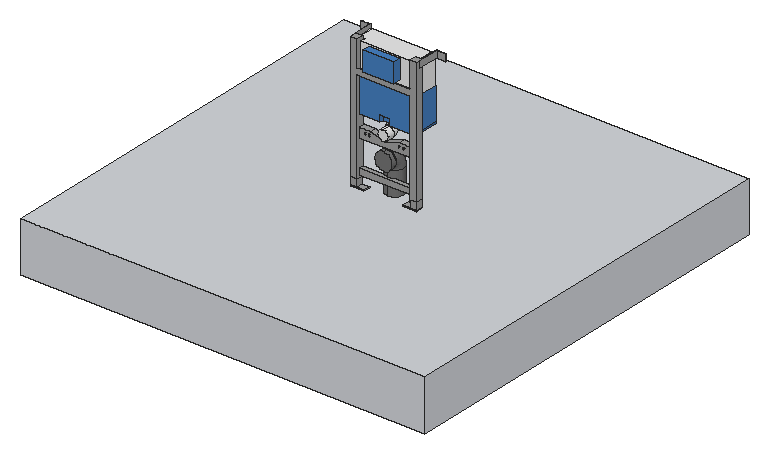
Revit family "Multibrand_Prosys_R0090_BIM_DE", category Plumbing Fixtures, host Face, Revit 2017
Family settings
  Host = Face
  Round Connector Dimension = Use Diameter
  Part Type = Normal
  OmniClass Number = 23.45.05.21.11.11
  OmniClass Title = Water Operated Water Closets
  Cut with Voids When Loaded = No
  Shared = Yes
  Room Calculation Point = No
Parameters (values of type "R009067 - 820 Full frame Dry mechanical WC  CL1")
  Max_Component_Height [instance] = if(Heigth > 200 mm, 200 mm, if(Heigth < 0 mm, 0 mm, Heigth))  # 50 mm
  WaterEfficientProduct = no
  WarrantyStartDate [instance] = "1900-12-31T23:59:59"
  WarrantyGuarantorParts = Manufacturer  # "https://www.idealstandard.de/profibereich/ersatzteilkatalog_badarmaturen/alphabetisch_sortiert.html"
  WarrantyGuarantorLabor = "n/a"
  WarrantyDurationUnit = "year"
  WarrantyDurationParts = "n/a"
  WarrantyDurationLabor = "n/a"
  WarrantyDescription = "Manufacturers Warranty"
  WRAS = no
  WFU = 0
  VolumeUnits = "Litres"
  Version = "1"
  Uniclass2015Version = "Products v1.1"
  Uniclass2015Title = "Urinal and WC fittings"
  Uniclass2015Reference = "n/a"
  Uniclass2015Description = "Urinal and WC fittings"
  Uniclass2015Code = "Pr_40_20_93"
  Uniclass2 = "Pr_40_20_93_89"
  URL = "www.idealspec.de"
  Type Comments = "n/a"
  ToiletType = "Other"
  ToiletPanType = "WashDown"
  TagNumber [instance] = "n/a"
  SustainabilityPerformance = "n/a"
  SpilloverLevel = 0 mm
  Space = "Internal"
  Size = "400 x 150 x 754 mm"
  Shape = "Regtangular"
  SerialNumber [instance] = "n/a"
  Revision = "n/a"
  ReplacementCost = "n/a"
  ProductInformation = "https://www.idealstandard.de"
  Phone = "+49 (0) 6571 16 0"
  PanMounting = "n/a"
  PanMaterial = "n/a"
  PanColor = "n/a"
  NominalWidth = 400 mm
  NominalLength = 751 mm
  NominalHeight = 715 mm
  NominalDepth = 150 mm
  NettWeight = "9.4Kg"
  Name = "WCCisternFittings_Prossys_R0090_IdealStandard"
  NBSTypeID = "n/a"
  NBSReference = "45-30-70/387"
  NBSOfficeMasterTag = "n/a"
  NBSNote = "n/a"
  NBSDescription = "WC cistern fittings"
  NBSCertification = "n/a"
  ModelReference = Description  # "Prosys 150M-Rahmen, wandmontierte WC-Schalen, max. Belastung 400 kg, für feste oder leichte Wände min"
  ModelNumber = Model  # "R009067"
  Model = "R009067"
  ManufacturerURL = "https://www.idealstandard.de"
  Manufacturer = "https://www.idealstandard.de/profibereich/ersatzteilkatalog_badarmaturen/alphabetisch_sortiert.html"
  LinearUnits = "millimeters"
  Legs_inside [instance] = yes
  Legs_Outside [instance] = no
  Legs_Backside [instance] = no
  InstallationInstructions = "https://www.idealstandard.de/profibereich"
  InstallationDate [instance] = "1900-12-31T23:59:59"
  IfcExportType = "CISTERN"
  IfcExportAs = "IfcSanitaryTerminalType"
  Help = "https://www.idealstandard.de/unternehmen/wo_finden_sie_uns/kontakt.html"
  Heigth [instance] = 50 mm
  HWFU = 0
  GrossWeight = "n/a"
  Grade = "n/a"
  Finish = "Metal"
  Features = "Prosys 150 m Rahmen für wandmontierte WC-Becken, Intalation auf Massivholz oder zwischen leichten Gipskartonplatten Paneel 150 mm min."
  FRAME_Material [instance] = FRAME_metal_crome
  ExpectedLife = "n/a"
  ECA = no
  DurationUnit = "year"
  DistributedBy = "n/a"
  Description = "Prosys 150M-Rahmen, wandmontierte WC-Schalen, max. Belastung 400 kg, für feste oder leichte Wände min"
  Default Elevation = 0 mm
  CurrencyUnit = "n/a"
  CreatedOn = "2019-12-08"
  Cost = 0
  Constituents = "n/a"
  ConnectionType = "Plumbing"
  CodePerformance = "n/a"
  Category = "n/a"
  CWFU = 0
  Brand = "Ideal Standrad"
  BarCode = ""
  BREEAMApproved = no
  BIMObjectName = "IS_IdealStandard_WC cistern fittings_Prosys_S0090"
  Author = "Ideal Standard (UK) Ltd"
  AssetType = "Fixed"
  AssetIdentifier [instance] = "n/a"
  Assembly Code = "C1030200"
  AreaUnits = "millimeters"
  AreaMeasurement = "n/a"
  Accessories = "www.idealspec.de"
  AccessibilityPerformance = "n/a"
Reference planes
  plane 1 "Center (Front/Back)": y = 0
  plane 2: z = 0
  plane 3 "Center (Left/Right)": x = 0
  plane 4: y = 0
  plane 5: z = 0
  plane 6: z = 199.463
  plane 7: z = 50
  plane 8: z = 340.865
  plane 9: z = 765
  plane 10: z = 340.865
Forms (mm)
  Extrusion 1, solid
    sketch origin (0, 0, 0) x (1, 0, 0) y (0, 1, 0)
      loop
        line (-1219.2, 1219.2) -> (-1219.2, -1219.2) -> (1219.2, -1219.2) -> (1219.2, 1219.2) -> (-1219.2, 1219.2)
    from 0 to -304.8
  Extrusion 2, solid, material "FRAME_metal_crome" <- "FRAME_Material"
    sketch origin (-3.933, 85.042, 0) x (1, 0, 0) y (0, 0, 1)
      loop
        line (-162.55, 3.591) -> (-162.55, 50) -> (-197.55, 50) -> (-197.55, 3.591) -> (-162.55, 3.591)
      loop
        line (162.45, 3.591) -> (197.45, 3.591) -> (197.45, 50) -> (162.45, 50) -> (162.45, 3.591)
    from 47.66 to 82.782
  Extrusion 3, solid, material "FRAME_metal_crome" <- "FRAME_Material"
    sketch origin (-3.933, 81.292, -16) x (1, 0, 0) y (0, 0, 1)
      loop
        line (-200.05, 66) -> (-160.05, 66) -> (-160.05, 820) -> (-200.05, 820) -> (-200.05, 66)
      loop
        line (159.95, 66) -> (199.95, 66) -> (199.95, 820) -> (159.95, 820) -> (159.95, 66)
    from 41.292 to 81.292
  Extrusion 4, solid, material "FRAME_metal_crome" <- "FRAME_Material"
    sketch origin (-3.933, 85.042, -16) x (1, 0, 0) y (0, 0, 1)
      loop
        line (-160.05, 118.079) -> (-160.05, 84.622) -> (159.95, 84.622) -> (159.95, 118.079) -> (-160.05, 118.079)
    from 44.262 to 74.775
  Sweep 5, solid, material "FRAME_pvc_black"
    path origin (-4.359, 22.557, 190.44) x (0, 0.999998, 0.001752) y (0, -0.001752, 0.999998)
      loop
        line (61.828, -190.549) -> (62.173, -45.251)
        arc (62.173, -45.251) -> (46.383, -6.924) -> (8.115, 9.008) r 54.153
        line (8.115, 9.008) -> (3.112, 9.017) -> (-22.541, 9.062)
    profile origin (-4.359, 68.952, 183.597) x (0, -0.707184, -0.70703) y (1, 0, 0)
      loop
        circle (0, 0) r 52.3
  Extrusion 6, solid, material "FRAME_metal_crome" <- "FRAME_Material"
    sketch origin (-3.933, 85.042, -16) x (1, 0, 0) y (0, 0, 1)
      loop
        line (-160.05, 283.564) -> (159.95, 283.564) -> (159.95, 341.416) -> (85.512, 341.416) -> (2.142, 316.923) -> (-87.396, 341.416) -> (-160.05, 341.416) -> (-160.05, 283.564)
      loop
        circle (-115.404, 319.576) r 7.026
      loop
        circle (-91.184, 319.576) r 7.026
      loop
        circle (88.815, 319.889) r 7.026
      loop
        circle (114.654, 319.576) r 7.026
    from 35.113 to 72.381
  Extrusion 7, solid, material "FRAME_metal_crome" <- "FRAME_Material"
    sketch origin (-3.933, 85.042, 0) x (1, 0, 0) y (0, 1, 0)
      loop
        line (-202.05, -65.042) -> (-200.05, -65.042) -> (-200.05, 64.958) -> (-256.85, 64.958) -> (-256.85, 62.958) -> (-202.05, 62.958) -> (-202.05, -65.042)
      loop
        line (199.95, -65.042) -> (201.95, -65.042) -> (201.95, 62.958) -> (256.741, 62.958) -> (256.741, 64.958) -> (199.95, 64.958) -> (199.95, -65.042)
    from 765 to 804
  Extrusion 8, solid, material "FRAME_metal_crome" <- "FRAME_Material"
    sketch origin (-3.933, 85.042, -16) x (1, 0, 0) y (0, 0, 1)
      loop
        line (-160.05, 665) -> (-160.05, 625) -> (159.95, 625) -> (159.95, 665) -> (-160.05, 665)
    from 82.542 to 85.042
  Extrusion 9, solid, material "FRAME_metal_crome" <- "FRAME_Material", visible <- "Legs_inside"
    sketch origin (-3.933, 85.042, 0) x (1, 0, 0) y (0, 0, 1)
      loop
        line (-200.05, 3.591) -> (-200.05, 0) -> (-116.95, 0) -> (-116.95, 3.591) -> (-200.05, 3.591)
      loop
        line (116.85, 3.591) -> (116.85, 0) -> (199.95, 0) -> (199.95, 3.591) -> (116.85, 3.591)
    from 45.042 to 85.042
  Extrusion 10, solid, not visible
    sketch origin (-3.983, 84.95, 0) x (1, 0, 0) y (0, 1, 0)
      loop
        circle (-150.277, 0) r 6
    from 801.575 to 807.669
  Extrusion 11, solid, material "FRAME_metal_crome" <- "FRAME_Material", not visible
    sketch origin (-3.933, 81.292, 0) x (1, 0, 0) y (0, 0, 1)
      loop
        line (-200.05, 66) -> (-160.05, 66) -> (-160.05, 820) -> (-200.05, 820) -> (-200.05, 66)
      loop
        line (159.95, 66) -> (199.95, 66) -> (199.95, 820) -> (159.95, 820) -> (159.95, 66)
    from 41.292 to 81.292
  Extrusion 12, solid, material "FRAME_metal_crome" <- "FRAME_Material", not visible
    sketch origin (-3.933, 85.042, 0) x (1, 0, 0) y (0, 0, 1)
      loop
        line (-160.05, 118.079) -> (-160.05, 84.622) -> (159.95, 84.622) -> (159.95, 118.079) -> (-160.05, 118.079)
    from 44.262 to 74.775
  Extrusion 13, solid, material "FRAME_metal_crome" <- "FRAME_Material", not visible
    sketch origin (-3.933, 85.042, 0) x (1, 0, 0) y (0, 0, 1)
      loop
        line (-160.05, 283.564) -> (159.95, 283.564) -> (159.95, 341.416) -> (85.512, 341.416) -> (2.142, 316.923) -> (-87.396, 341.416) -> (-160.05, 341.416) -> (-160.05, 283.564)
      loop
        circle (-115.404, 319.576) r 7.026
      loop
        circle (-91.184, 319.576) r 7.026
      loop
        circle (88.815, 319.889) r 7.026
      loop
        circle (114.654, 319.576) r 7.026
    from 35.113 to 72.381
  Extrusion 14, solid, material "FRAME_metal_crome" <- "FRAME_Material", not visible
    sketch origin (-3.933, 85.042, 0) x (1, 0, 0) y (0, 1, 0)
      loop
        line (-201.85, -65.042) -> (-200.05, -65.042) -> (-200.05, 64.958) -> (-256.85, 64.958) -> (-256.85, 63.158) -> (-201.85, 63.158) -> (-201.85, -65.042)
      loop
        line (199.807, -65.042) -> (201.741, -65.042) -> (201.741, 63.158) -> (256.741, 63.158) -> (256.741, 64.958) -> (199.807, 64.958) -> (199.807, -65.042)
    from 780.5 to 820
  Extrusion 15, solid, material "FRAME_metal_crome" <- "FRAME_Material", not visible
    sketch origin (-3.933, 81.292, 0) x (1, 0, 0) y (0, 0, 1)
      loop
        line (-200.05, 66) -> (-160.05, 66) -> (-160.05, 820) -> (-200.05, 820) -> (-200.05, 66)
      loop
        line (159.95, 66) -> (199.95, 66) -> (199.95, 820) -> (159.95, 820) -> (159.95, 66)
    from 41.292 to 81.292
  Extrusion 16, solid, material "FRAME_metal_crome" <- "FRAME_Material", not visible
    sketch origin (-3.933, 85.042, 0) x (1, 0, 0) y (0, 0, 1)
      loop
        line (-160.05, 283.564) -> (159.95, 283.564) -> (159.95, 341.416) -> (85.512, 341.416) -> (2.142, 316.923) -> (-87.396, 341.416) -> (-160.05, 341.416) -> (-160.05, 283.564)
      loop
        circle (-115.404, 319.576) r 7.026
      loop
        circle (-91.184, 319.576) r 7.026
      loop
        circle (88.815, 319.889) r 7.026
      loop
        circle (114.654, 319.576) r 7.026
    from 35.113 to 72.381
  Extrusion 17, solid, material "FRAME_metal_crome" <- "FRAME_Material", not visible
    sketch origin (-3.933, 85.042, 0) x (1, 0, 0) y (0, 1, 0)
      loop
        line (-202.05, -65.042) -> (-200.05, -65.042) -> (-200.05, 64.958) -> (-256.85, 64.958) -> (-256.85, 62.958) -> (-202.05, 62.958) -> (-202.05, -65.042)
      loop
        line (199.95, -65.042) -> (201.95, -65.042) -> (201.95, 62.958) -> (256.741, 62.958) -> (256.741, 64.958) -> (199.95, 64.958) -> (199.95, -65.042)
    from 780.5 to 820
  Extrusion 18, solid, material "FRAME_metal_crome" <- "FRAME_Material", not visible
    sketch origin (-3.933, 85.042, 0) x (1, 0, 0) y (0, 0, 1)
      loop
        line (-160.05, 665) -> (-160.05, 625) -> (159.95, 625) -> (159.95, 665) -> (-160.05, 665)
    from 82.542 to 85.042
  Extrusion 19, solid, material "FRAME_metal_crome" <- "FRAME_Material", not visible
    sketch origin (-3.933, 81.292, 0) x (1, 0, 0) y (0, 0, 1)
      loop
        line (-200.05, 66) -> (-160.05, 66) -> (-160.05, 820) -> (-200.05, 820) -> (-200.05, 66)
      loop
        line (159.95, 66) -> (199.95, 66) -> (199.95, 820) -> (159.95, 820) -> (159.95, 66)
    from 41.292 to 81.292
  Extrusion 20, solid, material "FRAME_metal_crome" <- "FRAME_Material", not visible
    sketch origin (-3.933, 85.042, 0) x (1, 0, 0) y (0, 0, 1)
      loop
        line (-160.05, 118.079) -> (-160.05, 84.622) -> (159.95, 84.622) -> (159.95, 118.079) -> (-160.05, 118.079)
    from 44.262 to 74.775
  Extrusion 21, solid, material "FRAME_metal_crome" <- "FRAME_Material", not visible
    sketch origin (-3.933, 85.042, 0) x (1, 0, 0) y (0, 0, 1)
      loop
        line (-160.05, 283.564) -> (159.95, 283.564) -> (159.95, 341.416) -> (85.512, 341.416) -> (2.142, 316.923) -> (-87.396, 341.416) -> (-160.05, 341.416) -> (-160.05, 283.564)
      loop
        circle (-115.404, 319.576) r 7.026
      loop
        circle (-91.184, 319.576) r 7.026
      loop
        circle (88.815, 319.889) r 7.026
      loop
        circle (114.654, 319.576) r 7.026
    from 35.113 to 72.381
  Extrusion 22, solid, material "FRAME_metal_crome" <- "FRAME_Material", not visible
    sketch origin (-3.933, 85.042, 16) x (1, 0, 0) y (0, 1, 0)
      loop
        line (-202.05, -65.042) -> (-200.05, -65.042) -> (-200.05, 64.958) -> (-256.85, 64.958) -> (-256.85, 62.958) -> (-202.05, 62.958) -> (-202.05, -65.042)
      loop
        line (199.95, -65.042) -> (201.95, -65.042) -> (201.95, 62.958) -> (256.741, 62.958) -> (256.741, 64.958) -> (199.95, 64.958) -> (199.95, -65.042)
    from 765 to 804
  Extrusion 23, solid, material "FRAME_metal_crome" <- "FRAME_Material", not visible
    sketch origin (-3.933, 85.042, 0) x (1, 0, 0) y (0, 0, 1)
      loop
        line (-160.05, 665) -> (-160.05, 625) -> (159.95, 625) -> (159.95, 665) -> (-160.05, 665)
    from 82.542 to 85.042
  Extrusion 24, solid, material "FRAME_metal_crome" <- "FRAME_Material", visible <- "Legs_Outside"
    sketch origin (0, 0, 0) x (1, 0, 0) y (0, 1, 0)
      loop
        line (156.017, 40) -> (156.017, 0) -> (239.017, 0) -> (239.017, 40) -> (156.017, 40)
      loop
        line (-163.983, 0) -> (-163.983, 40) -> (-246.983, 40) -> (-246.983, 0) -> (-163.983, 0)
    from 0 to 3.591
  Extrusion 25, solid, material "FRAME_metal_crome" <- "FRAME_Material", visible <- "Legs_Backside"
    sketch origin (0, 0, 0) x (1, 0, 0) y (0, 1, 0)
      loop
        line (196.017, 0) -> (196.017, 83) -> (156.017, 83) -> (156.017, 0) -> (196.017, 0)
      loop
        line (-163.983, 0) -> (-163.983, 83) -> (-203.84, 83) -> (-203.84, 0) -> (-163.983, 0)
    from 0 to 3.591
Cuts and joins
  joined: Extrusion 3, Extrusion 4, Extrusion 6, Extrusion 7, Extrusion 8
Dimensions and locks
  locked: plane 6 to plane 7 at 149.463
  locked: plane 8 to plane 6 at 141.402
  "NominalHeight": plane 9 to plane 7
  "Max_Component_Height": plane 7 to level
  plane 7 to Extrusion 1 = 50 mm
  cut or joined group of Extrusion 3, Extrusion 4, Extrusion 6, Extrusion 7, Extrusion 8 to cut or joined group of Extrusion 3, Extrusion 4, Extrusion 6, Extrusion 7, Extrusion 8 = 513.591 mm
  "NominalDepth": cut or joined group of Extrusion 3, Extrusion 4, Extrusion 6, Extrusion 7, Extrusion 8 to cut or joined group of Extrusion 3, Extrusion 4, Extrusion 6, Extrusion 7, Extrusion 8
  "NominalWidth": cut or joined group of Extrusion 3, Extrusion 4, Extrusion 6, Extrusion 7, Extrusion 8 to cut or joined group of Extrusion 3, Extrusion 4, Extrusion 6, Extrusion 7, Extrusion 8
  Extrusion 24 to Extrusion 25 sketch curve = 83 mm  (x2)
  aligned and locked: plane 2 to Extrusion 1
  aligned and locked: level to Extrusion 1
  aligned and locked: Extrusion 7 to Extrusion 3
  aligned and locked: Extrusion 3 to nested 1
  aligned and locked: Extrusion 9 to Extrusion 2
  aligned and locked: plane 7 to Extrusion 2  (x2)
  aligned and locked: Extrusion 3 to plane 7  (x2)
  aligned and locked: plane 8 to nested 1
  aligned and locked: cut or joined group of Extrusion 3, Extrusion 4, Extrusion 6, Extrusion 7, Extrusion 8 to cut or joined group of Extrusion 3, Extrusion 4, Extrusion 6, Extrusion 7, Extrusion 8
  aligned and locked: cut or joined group of Extrusion 3, Extrusion 4, Extrusion 6, Extrusion 7, Extrusion 8 to plane 9
Automatic sketch dimensions
  Extrusion 1 sketch curve to Extrusion 1 sketch curve = 2438.4 mm  (x2)
  Extrusion 2 sketch curve to plane 7 = 0 mm  (x2)
  level to Extrusion 2 sketch curve = 3.591 mm  (x2)
  Extrusion 2 sketch curve to plane 3 "Center (Left/Right)" = 201.483 mm
  Extrusion 2 sketch curve to Extrusion 2 sketch curve = 35 mm  (x2)
  plane 3 "Center (Left/Right)" to Extrusion 2 sketch curve = 158.517 mm
  Sweep 5 sketch curve to plane 1 "Center (Front/Back)" = 0 mm
  Sweep 5 sketch curve to plane 6 = 0 mm
  plane 6 to Sweep 5 sketch curve = 0 mm  (x2)
  Sweep 5 sketch curve to level = 0 mm
  Sweep 5 sketch curve to Sweep 5 sketch curve = 25.653 mm
  Sweep 5 sketch curve to Sweep 5 sketch curve = 4.908 mm
  Sweep 5 sketch curve to Sweep 5 sketch curve = 5.003 mm
  Sweep 5 sketch curve to Sweep 5 sketch curve = 54.153 mm  (x2)
  Sweep 5 sketch curve to Sweep 5 sketch curve = 0.345 mm
  Sweep 5 sketch curve to profile plane = 0 mm  (x2)
  Extrusion 9 sketch curve to level = 0 mm  (x2)
  Extrusion 9 sketch curve to plane 3 "Center (Left/Right)" = 203.983 mm
  Extrusion 9 sketch curve to Extrusion 9 sketch curve = 83.1 mm  (x2)
  level to Extrusion 9 sketch curve = 3.591 mm  (x2)
  plane 3 "Center (Left/Right)" to Extrusion 9 sketch curve = 112.917 mm
  Extrusion 10 sketch curve to plane 3 "Center (Left/Right)" = 154.259 mm
  Extrusion 10 sketch curve to plane 1 "Center (Front/Back)" = 84.95 mm
  plane 1 "Center (Front/Back)" to Extrusion 24 sketch curve = 0 mm  (x2)
  Extrusion 24 sketch curve to plane 3 "Center (Left/Right)" = 246.983 mm
  Extrusion 24 sketch curve to Extrusion 24 sketch curve = 83 mm  (x2)
  plane 3 "Center (Left/Right)" to Extrusion 24 sketch curve = 156.017 mm
  Extrusion 24 sketch curve to plane 1 "Center (Front/Back)" = 40 mm  (x2)
  plane 1 "Center (Front/Back)" to Extrusion 25 sketch curve = 0 mm  (x2)
  Extrusion 25 sketch curve to plane 3 "Center (Left/Right)" = 203.84 mm
  Extrusion 25 sketch curve to Extrusion 25 sketch curve = 39.857 mm
  plane 3 "Center (Left/Right)" to Extrusion 25 sketch curve = 156.017 mm
  Extrusion 25 sketch curve to Extrusion 25 sketch curve = 40 mm
  radius of Sweep 5 sketch curve = 52.3 mm
  radius of Extrusion 10 sketch curve = 6 mm
Nested families
  nested 1: "CISTERN_PROSYS _EXPERT PLUS" at (-3.983, 15.976, -436.79), type "CISTERN_PROSYS _EXPERT PLUS"
    with CISTERN Widh 1150 mm, CISTERN Lenght 440 mm, CISTERN Height 405 mm
Connectors
  piping at (-4.359, 84.718, 0), diameter 87.4
    settings: on Sweep 5, index 4, connector inside diameter 24", connector length 0 mm, flow factor 0, pipe flow 0 GPM, pressure drop 0.00 psi, fitting loss kfactor 0, connector angle 0.00°, fixture units 0, engagement length 0 mm, angle of deflection 0.00°, flow configuration 0, flow direction 2, fitting loss method 0, system type 16, joint type 0, gender type 0, connector reference index -1, connector utility 0, adjustable connector no, is connector primary yes, connector description ""
  piping at (-154.259, 84.95, 807.669), diameter 12
    settings: on Extrusion 10, index 5, connector inside diameter 24", connector length 0 mm, flow factor 0, pipe flow 0 GPM, pressure drop 0.00 psi, fitting loss kfactor 0, connector angle 0.00°, fixture units 0, engagement length 0 mm, angle of deflection 0.00°, flow configuration 0, flow direction 1, fitting loss method 0, system type 20, joint type 0, gender type 0, connector reference index -1, connector utility 0, adjustable connector yes, is connector primary no, connector description ""
Definition of nested family "CISTERN_PROSYS _EXPERT PLUS"
  Parameters (values of type "CISTERN_PROSYS _EXPERT PLUS")
    TANK = none
    Plate = none
    Height = 58 mm
    Flush_distance = 50 mm
    CISTERN Widh [instance] = 1150 mm  # constant formula
    CISTERN Lenght [instance] = 440 mm  # constant formula
    CISTERN Height [instance] = 405 mm  # constant formula
  Reference planes
    plane 1 "Center (Front/Back)": y = 0
    plane 2: z = 0
    plane 3 "Center (Left/Right)": x = 0
    plane 4: x = -220
    plane 5: x = 220
    plane 6: z = 1221.366
    plane 7: z = 725.055
    plane 8: z = 749.159
    plane 9: z = 1153.291
    plane 10: x = -144.148
    plane 11: x = 143.635
    plane 12: y = 28.323
    plane 13: y = 154.323
    plane 14: x = -92.5
    plane 15: x = 92.5
    plane 16: z = 1210.327
    plane 17: z = 1090.327
    plane 18: y = 5.339
    plane 19: y = 150.887
    plane 20: y = 76.588
    plane 21: y = -19.049
    plane 22: y = 41.905
    plane 23: y = 38.405
    plane 24: z = 1228.46
    plane 25: y = -5.476
    plane 26: y = -5.476
    plane 27: y = -55.476
    plane 28: z = 1228.46
    plane 29: z = 835.655
    plane 30: z = 777.655
  Forms (mm)
    Extrusion 1, solid, material <- "Plate"
      sketch origin (0, 0, 0) x (1, 0, 0) y (0, 0, 1)
        loop
          line (-199.857, 1052.823) -> (-198.208, 853.95)
          arc (-198.208, 853.95) -> (-194.529, 843.642) -> (-185.251, 837.835) r 16.672
          line (-185.251, 837.835) -> (0, 835.655) -> (176.465, 837.732)
          arc (176.465, 837.732) -> (191.333, 840.251) -> (198.205, 853.674) r 16.818
          line (198.205, 853.674) -> (199.857, 1052.823) -> (-199.857, 1052.823)
      from -128.774 to 8.726
    Extrusion 2, solid, material <- "Plate"
      sketch origin (0, 0, 0) x (1, 0, 0) y (0, 0, 1)
        loop
          line (-91.719, 1222.366) -> (-91.719, 1105.415) -> (91.719, 1105.415) -> (91.719, 1222.366) -> (-91.719, 1222.366)
      from 55.476 to 0
    Sweep 3, solid, material <- "TANK"
      path origin (-1.25, 8.125, 260) x (0, 1, 0) y (0, 0, 1)
        loop
          line (-26.851, 517.655) -> (14.126, 517.655)
          arc (14.126, 517.655) -> (38.584, 527.786) -> (48.715, 552.244) r 34.589
          line (48.715, 552.244) -> (48.715, 575.655)
      profile origin (-1.25, 56.84, 823.95) x (0, -1, 0) y (1, 0, 0)
        loop
          circle (0, 1.25) r 30.5
    Extrusion 4, solid, material <- "TANK"
      sketch origin (0, 0, 0) x (1, 0, 0) y (0, 0, 1)
        loop
          line (-195.514, 1052.823) -> (195.514, 1052.823) -> (195.514, 1210.068)
          arc (195.514, 1210.068) -> (190.127, 1223.073) -> (177.122, 1228.46) r 18.392
          line (177.122, 1228.46) -> (-180.154, 1228.46)
          arc (-180.154, 1228.46) -> (-191.366, 1223.816) -> (-196.01, 1212.604) r 15.856
          line (-196.01, 1212.604) -> (-195.514, 1052.823)
      from -125.524 to 5.476
    Extrusion 5, void
      sketch origin (0, 0, 0) x (1, 0, 0) y (0, 1, 0)
        loop
          line (-148.316, 24.024) -> (-200, 24.024) -> (-200, -5.476) -> (-148.316, -5.476) -> (-148.316, 24.024)
        loop
          line (148.734, 24.024) -> (148.734, -5.476) -> (227.691, -5.476) -> (227.691, 24.024) -> (148.734, 24.024)
      from 1052.823 to 1228.46
    Extrusion 6, void
      sketch origin (0, 0, 0) x (1, 0, 0) y (0, 1, 0)
        loop
          line (-150.569, 21.274) -> (-220, 21.274) -> (-220, -13.726) -> (-150.569, -13.726) -> (-150.569, 21.274)
        loop
          line (152.959, 24.024) -> (152.959, -13.726) -> (220, -13.726) -> (220, 24.024) -> (152.959, 24.024)
      from 749.159 to 1052.823
    Extrusion 7, void
      sketch origin (0, 0, 0) x (1, 0, 0) y (0, 0, 1)
        loop
          line (-29, 875.597) -> (-29, 835.655) -> (29, 835.655) -> (29, 875.597) -> (-29, 875.597)
      from -11.274 to 46.598
    Extrusion 8, void
      sketch origin (0, 0, 0) x (1, 0, 0) y (0, 0, 1)
        loop
          line (120.926, 1052.823) -> (125.185, 1052.823) -> (125.185, 1087.822) -> (80.668, 1087.822) -> (80.668, 1052.823) -> (84.926, 1052.823) -> (84.926, 836.655) -> (120.926, 836.655) -> (120.926, 1052.823)
        loop
          line (-84.418, 1052.823) -> (-80.159, 1052.823) -> (-80.159, 1087.822) -> (-124.676, 1087.822) -> (-124.676, 1052.823) -> (-120.418, 1052.823) -> (-120.418, 836.655) -> (-84.418, 836.655) -> (-84.418, 1052.823)
      from -136.09 to -115.524
  Cuts and joins
    Extrusion 5, Extrusion 8 cuts Extrusion 4
    Extrusion 6, Extrusion 7 cuts Extrusion 1
  Lines and regions (mm)
    model lines
      curve 1: line (-91.719, -55.476, 1222.366) -> (91.719, -55.476, 1105.415)
      curve 2: line (-91.719, -55.476, 1105.415) -> (91.719, -55.476, 1222.366)
      curve 3: line (-91.719, 1.524, 1228.46) -> (91.719, 119.975, 1228.46)
      curve 4: line (-91.719, 119.975, 1228.46) -> (91.719, 1.524, 1228.46)
  Dimensions and locks
    equal spacing: plane 4, plane 3 "Center (Left/Right)", plane 5
    "CISTERN Lenght": plane 4 to plane 5
    locked: plane 8 to plane 7 at 24.103
    locked: plane 9 to plane 8 at 404.132
    locked: plane 6 to plane 9 at 68.075
    locked: plane 4 to plane 10 at 75.852
    locked: plane 11 to plane 5 at 76.365
    locked: plane 14 to plane 15 at 185
    equal spacing: plane 14, plane 3 "Center (Left/Right)", plane 15
    locked: plane 16 to plane 17 at 120
    locked: plane 6 to plane 16 at 11.039
    locked: plane 19 to plane 20 at 74.299
    locked: plane 13 to plane 19 at 3.436
    locked: plane 22 to plane 23 at 3.5
    locked: plane 23 to plane 12 at 10.082
    "Flush_distance": plane 26 to plane 27
    locked: cut or joined group of Extrusion 4, Extrusion 5, Extrusion 8 to cut or joined group of Extrusion 4, Extrusion 5, Extrusion 8 at 131
    locked: plane 28 to plane 8 at 479.301
    plane 24 to plane 28 = 0 mm
    locked: plane 17 to plane 29 at 254.672
    "Height": plane 29 to plane 30
    aligned and locked: level to plane 2
    aligned and locked: cut or joined group of Extrusion 4, Extrusion 5, Extrusion 8 to plane 26
    aligned and locked: Extrusion 2 to plane 27
    aligned and locked: plane 28 to cut or joined group of Extrusion 4, Extrusion 5, Extrusion 8
    aligned and locked: plane 30 to Sweep 3 sketch curve
    aligned and locked: plane 29 to Sweep 3 sketch curve
    aligned and locked: Extrusion 2 to curve 1  (x2)
    aligned and locked: curve 2 to Extrusion 2  (x2)
  Automatic sketch dimensions
    Extrusion 2 sketch curve to plane 14 = 0.781 mm
    plane 15 to Extrusion 2 sketch curve = 0.781 mm
    plane 17 to Extrusion 2 sketch curve = 15.088 mm
    plane 6 to Extrusion 2 sketch curve = 1 mm
    Sweep 3 sketch curve to profile plane = 0 mm
    profile plane to Sweep 3 sketch curve = 1.25 mm
    plane 10 to Extrusion 5 sketch curve = 55.852 mm
    Extrusion 5 sketch curve to plane 12 = 4.299 mm  (x2)
    Extrusion 5 sketch curve to plane 11 = 5.099 mm
    Extrusion 5 sketch curve to plane 11 = 84.056 mm
    Extrusion 6 sketch curve to plane 12 = 7.049 mm
    Extrusion 6 sketch curve to plane 4 = 0 mm
    plane 10 to Extrusion 6 sketch curve = 6.422 mm
    Extrusion 6 sketch curve to plane 12 = 4.299 mm
    Extrusion 6 sketch curve to plane 11 = 9.325 mm
    plane 5 to Extrusion 6 sketch curve = 0 mm
    Extrusion 7 sketch curve to plane 3 "Center (Left/Right)" = 29 mm
    plane 3 "Center (Left/Right)" to Extrusion 7 sketch curve = 29 mm
    Extrusion 7 sketch curve to plane 8 = 86.496 mm
    Extrusion 7 sketch curve to Extrusion 7 sketch curve = 39.942 mm
    plane 10 to Extrusion 5 sketch curve = 4.168 mm
    Extrusion 1 sketch curve to plane 3 "Center (Left/Right)" = 0 mm
    plane 10 to Extrusion 1 sketch curve = 37.388 mm
    Extrusion 1 sketch curve to plane 4 = 20.143 mm
    Extrusion 1 sketch curve to plane 11 = 32.831 mm
    Extrusion 1 sketch curve to Extrusion 1 sketch curve = 4.922 mm
    Extrusion 1 sketch curve to Extrusion 1 sketch curve = 16.817 mm
    plane 5 to Extrusion 1 sketch curve = 20.143 mm
    Extrusion 1 sketch curve to plane 8 = 86.496 mm
    Extrusion 1 sketch curve to plane 8 = 88.573 mm
    Extrusion 1 sketch curve to Extrusion 1 sketch curve = 15.942 mm
    Extrusion 1 sketch curve to plane 8 = 104.93 mm
    Extrusion 1 sketch curve to plane 17 = 37.505 mm
    Extrusion 1 sketch curve to Extrusion 1 sketch curve = 3.715 mm
    Extrusion 1 sketch curve to Extrusion 1 sketch curve = 16.671 mm
    Extrusion 1 sketch curve to Extrusion 1 sketch curve = 16.253 mm
    Extrusion 4 sketch curve to plane 16 = 0.259 mm  (x2)
    plane 16 to Extrusion 4 sketch curve = 2.276 mm
    Extrusion 4 sketch curve to plane 4 = 23.99 mm
    Extrusion 4 sketch curve to plane 4 = 24.486 mm
    Extrusion 4 sketch curve to Extrusion 4 sketch curve = 15.856 mm
    plane 5 to Extrusion 4 sketch curve = 24.486 mm
    Extrusion 4 sketch curve to plane 17 = 37.505 mm
    Extrusion 8 sketch curve to plane 17 = 2.505 mm  (x2)
    Extrusion 8 sketch curve to plane 10 = 19.471 mm
    Extrusion 8 sketch curve to Extrusion 8 sketch curve = 4.258 mm  (x3)
    Extrusion 8 sketch curve to plane 14 = 8.082 mm
    Extrusion 8 sketch curve to plane 14 = 12.341 mm
    plane 15 to Extrusion 8 sketch curve = 11.832 mm
    plane 11 to Extrusion 8 sketch curve = 22.708 mm
    Extrusion 8 sketch curve to Extrusion 8 sketch curve = 35 mm  (x2)
    Extrusion 8 sketch curve to plane 17 = 37.505 mm  (x2)
    Extrusion 8 sketch curve to plane 8 = 87.496 mm  (x2)
    plane 25 to Extrusion 5 sketch curve = 0 mm  (x2)
    Extrusion 6 sketch curve to plane 21 = 5.323 mm  (x2)
    Sweep 3 sketch curve to plane 12 = 6.072 mm
    plane 22 to Sweep 3 sketch curve = 14.935 mm
    Sweep 3 sketch curve to plane 21 = 0.323 mm
    Extrusion 2 to curve 2 = 0 mm
    curve 1 to Extrusion 2 = 0 mm  (x2)
    curve 2 to Extrusion 2 = 0 mm
    curve 4 to plane 14 = 0.781 mm
    curve 4 to plane 1 "Center (Front/Back)" = 1.524 mm
    curve 3 to plane 14 = 0.781 mm
    plane 15 to curve 4 = 0.781 mm
    plane 15 to curve 3 = 0.781 mm
    curve 3 to plane 1 "Center (Front/Back)" = 1.524 mm
    curve 4 to plane 19 = 30.912 mm
    curve 3 to plane 19 = 30.912 mm
    radius of Sweep 3 sketch curve = 30.5 mm
